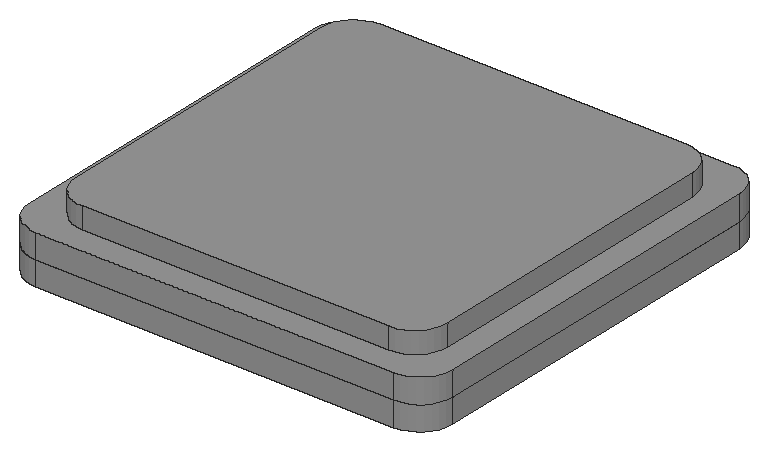
Revit family "FMS2_63_UN_Surface-mounted_ETK", category Lighting Fixtures, Revit 2019 (continued)
Definition of nested family "FMS.2 - Lightsource"
  Types (14, lengths in mm): name | Wattage Comments | Wattage | built-in parameter 1150134 | Photometric Web File | built-in parameter 1150142 | built-in parameter 1150105 | Lumens | built-in parameter 1150107 | built-in parameter 1150106 | Apparent Load
      927.0018\t924.426\t921.564\t918.702\t915.84\r\n912.978\t909.8298\t906.9678\t903.2472\t898.668\t894.375\t889.7958\t885.5028\t881.2098\t876.6306\r\n872.3376\t867.7584\t863.4654\t859.1724\t854.5932\t850.3002\t846.0072\t841.428\t837.135\t832.5558\r\n828.2628\t823.6836\t819.3906\t814.8114\t809.0874\t803.3634\t797.6394\t791.9154\t786.1914\t780.4674\r\n774.4572\t768.7332\t762.723\t756.999\t750.9888\t745.2648\t739.5408\t733.8168\t728.0928\t722.0826\r\n716.3586\t710.9208\t705.1968\t699.1866\t692.8902\t686.0214\t679.1526\t672.2838\t665.415\t658.8324\r\n651.9636\t645.0948\t638.226\t631.3572\t624.4884\t617.6196\t610.7508\t603.882\t597.0132\t590.4306\r\n583.5618\t576.693\t569.8242\t562.9554\t555.5142\t548.073\t540.3456\t532.9044\t525.177\t517.7358\r\n510.0084\t502.281\t494.8398\t487.1124\t479.6712\t471.9438\t464.5026\t456.7752\t449.334\t441.8928\r\n434.1654\t426.7242\t419.283\t411.5556\t403.542\t395.5284\t387.5148\t379.5012\t371.4876\t363.474\r\n355.4604\t347.1606\t339.147\t331.1334\t323.1198\t315.1062\t307.0926\t299.079\t291.0654\t283.0232\r\n275.0382\t267.0246\t259.011\t251.5698\t244.3003\t237.0308\t229.7614\t222.4919\t215.251\t208.0102\r\n200.7407\t193.4998\t186.259\t179.0181\t171.8059\t164.565\t157.3528\t150.1119\t142.8997\t135.6874\r\n128.4752\t121.2343\t109.5287\t96.7928\t84.0569\t71.321\t58.5851\t45.8492\t33.1133\t20.3774\r\n7.6444\t0\t0\t0\t0\t0\t0\t0\t0\t0\r\n0\r\n985.6728\t984.8142\t983.9556\t982.8108\t981.9522\t981.0936\t979.9488\t979.0902\t978.2316\t977.373\r\n976.5144\t975.3696\t974.511\t973.3662\t972.5076\t971.649\t970.5042\t969.6456\t968.787\t967.9284\r\n966.7836\t965.3526\t962.7768\t960.201\t957.339\t954.7632\t951.9012\t949.0392\t946.1772\t943.6014\r\n940.7394\t938.1636\t935.3016\t932.4396\t929.8638\t927.0018\t924.426\t921.564\t918.9882\t916.1262\r\n913.5504\t910.6884\t906.9678\t902.6748\t898.3818\t894.0888\t889.7958\t885.5028\t881.2098\t876.6306\r\n872.3376\t868.0446\t863.4654\t859.1724\t854.8794\t850.5864\t846.0072\t841.7142\t837.4212\t832.842\r\n828.549\t824.256\t819.3906\t813.6666\t807.9426\t802.5048\t796.7808\t791.0568\t785.3328\t779.895\r\n774.171\t768.447\t762.723\t757.2852\t751.5612\t745.8372\t740.1132\t734.3892\t728.6652\t722.9412\r\n717.5034\t711.7794\t706.0554\t699.1866\t692.3178\t685.7352\t678.8664\t671.9976\t665.415\t658.5462\r\n651.6774\t644.8086\t638.226\t631.3572\t624.4884\t617.9058\t611.037\t604.1682\t597.5856\t590.7168\r\n583.848\t577.2654\t570.3966\t562.9554\t555.228\t547.7868\t540.3456\t532.6182\t525.177\t517.4496\r\n510.0084\t502.5672\t494.8398\t487.3986\t479.6712\t472.23\t464.7888\t457.0614\t449.6202\t441.8928\r\n434.4516\t427.0104\t419.283\t411.2694\t403.2558\t395.2422\t387.2286\t379.215\t371.2014\t363.1878\r\n355.1742\t347.1606\t339.147\t331.1334\t323.1198\t315.1062\t307.0926\t299.079\t291.0654\t282.9087\r\n274.8951\t266.8815\t259.4117\t252.1136\t244.8155\t237.4888\t230.1907\t222.9212\t215.6231\t208.325\r\n201.0269\t193.7288\t186.4593\t179.1612\t171.8631\t164.5936\t157.2955\t150.026\t142.7279\t135.4585\r\n128.1604\t119.0878\t106.3233\t93.5874\t80.8229\t68.087\t55.3225\t42.5866\t29.822\t17.0718\r\n4.3245\t0\t0\t0\t0\t0\t0\t0\t0\t0\r\n0\r\n985.6728\t984.8142\t983.9556\t982.8108\t981.9522\t981.0936\t980.235\t979.0902\t978.2316\t977.373\r\n976.5144\t975.6558\t974.7972\t973.6524\t972.7938\t971.9352\t971.0766\t969.9318\t969.0732\t967.9284\r\n967.0698\t965.0664\t962.2044\t959.6286\t957.0528\t954.477\t951.615\t949.0392\t946.4634\t943.8876\r\n941.0256\t938.4498\t935.874\t933.012\t930.4362\t927.5742\t924.9984\t922.1364\t919.2744\t916.6986\r\n913.8366\t910.6884\t906.3954\t902.1024\t897.8094\t893.5164\t889.2234\t884.9304\t880.9236\t876.6306\r\n872.3376\t868.0446\t863.7516\t859.4586\t855.1656\t850.8726\t846.5796\t842.2866\t837.9936\t833.7006\r\n829.4076\t824.8284\t819.1044\t813.3804\t807.9426\t802.2186\t796.4946\t791.0568\t785.3328\t779.6088\r\n774.171\t768.447\t762.723\t757.2852\t751.5612\t745.8372\t740.1132\t734.6754\t728.9514\t723.2274\r\n717.5034\t711.7794\t704.9106\t698.328\t691.7454\t684.8766\t678.294\t671.4252\t664.8426\t658.26\r\n651.3912\t644.8086\t638.226\t631.3572\t624.7746\t617.9058\t611.3232\t604.4544\t597.8718\t591.003\r\n584.4204\t577.5516\t570.1104\t562.383\t554.9418\t547.2144\t539.7732\t532.332\t524.8908\t517.4496\r\n509.7222\t502.281\t494.8398\t487.3986\t479.9574\t472.23\t464.7888\t457.3476\t449.9064\t442.4652\r\n435.024\t427.2966\t419.283\t411.2694\t403.2558\t395.2422\t387.2286\t379.215\t371.2014\t363.1878\r\n355.1742\t347.1606\t339.147\t331.1334\t323.1198\t315.1062\t307.0926\t299.079\t291.0654\t283.1663\r\n275.1527\t267.4539\t260.0986\t252.7718\t245.4451\t238.0898\t230.7631\t223.4363\t216.081\t208.7543\r\n201.4276\t194.1008\t186.7741\t179.4188\t172.0921\t164.7653\t157.4386\t150.1119\t142.7852\t135.4585\r\n128.1317\t116.9986\t104.2054\t91.4123\t78.6478\t65.8546\t53.0615\t40.2683\t27.4981\t14.7164\r\n1.9324\t0\t0\t0\t0\t0\t0\t0\t0\t0\r\n0\r\n985.6728\t984.8142\t983.9556\t982.8108\t981.9522\t981.0936\t980.235\t979.3764\t978.2316\t977.373\r\n976.5144\t975.6558\t974.7972\t973.9386\t972.7938\t971.9352\t971.0766\t970.218\t969.3594\t968.5008\r\n967.6422\t965.0664\t962.4906\t959.9148\t957.0528\t954.477\t951.9012\t949.0392\t946.4634\t943.8876\r\n941.0256\t938.4498\t935.874\t933.2982\t930.4362\t927.8604\t925.2846\t922.7088\t920.133\t917.5572\r\n914.6952\t910.6884\t906.6816\t902.3886\t898.0956\t893.8026\t889.5096\t885.2166\t880.9236\t876.6306\r\n872.3376\t868.0446\t863.7516\t859.4586\t855.4518\t851.1588\t846.8658\t842.5728\t838.2798\t833.9868\r\n829.98\t824.5422\t818.8182\t813.3804\t807.6564\t802.2186\t796.4946\t791.0568\t785.3328\t779.895\r\n774.171\t768.447\t763.0092\t757.2852\t751.8474\t746.1234\t740.3994\t734.9616\t729.2376\t723.7998\r\n718.0758\t711.4932\t704.9106\t698.328\t691.7454\t684.8766\t678.294\t671.7114\t665.1288\t658.26\r\n651.6774\t645.0948\t638.226\t631.6434\t624.7746\t618.192\t611.6094\t604.7406\t598.158\t591.2892\r\n584.7066\t577.2654\t569.8242\t562.383\t554.9418\t547.5006\t540.0594\t532.332\t524.8908\t517.4496\r\n510.0084\t502.5672\t495.126\t487.6848\t480.2436\t472.8024\t465.075\t457.6338\t450.1926\t442.7514\r\n435.3102\t427.2966\t419.283\t411.2694\t403.2558\t395.2422\t387.2286\t379.215\t371.2014\t363.1878\r\n355.1742\t347.1606\t339.147\t331.1334\t323.1198\t315.1062\t307.0926\t299.079\t291.0654\t283.1949\r\n275.1813\t267.7401\t260.3848\t253.058\t245.7027\t238.3474\t230.992\t223.6653\t216.31\t208.9546\r\n201.5993\t194.2726\t186.9172\t179.5619\t172.2065\t164.8798\t157.5245\t150.1691\t142.8138\t135.4871\r\n128.1317\t115.7393\t102.9175\t90.1244\t77.3026\t64.5095\t51.7163\t38.8946\t26.0957\t13.2883\r\n0.4848\t0\t0\t0\t0\t0\t0\t0\t0\t0\r\n0\r\n985.6728\t984.8142\t983.9556\t983.097\t981.9522\t981.0936\t980.235\t979.3764\t978.5178\t977.6592\r\n976.5144\t975.6558\t974.7972\t973.9386\t973.08\t971.9352\t971.0766\t970.218\t969.3594\t968.5008\r\n967.356\t964.7802\t962.2044\t959.6286\t957.0528\t954.477\t951.9012\t949.0392\t946.4634\t943.8876\r\n941.3118\t938.736\t936.1602\t933.2982\t930.7224\t928.1466\t925.5708\t922.995\t920.4192\t917.8434\r\n914.9814\t910.9746\t906.6816\t902.3886\t898.0956\t893.8026\t889.5096\t885.5028\t881.2098\t876.9168\r\n872.6238\t868.3308\t864.0378\t860.031\t855.738\t851.445\t847.152\t842.859\t838.566\t834.5592\r\n830.2662\t824.5422\t819.1044\t813.3804\t807.9426\t802.2186\t796.4946\t791.0568\t785.3328\t779.895\r\n774.171\t768.447\t763.0092\t757.2852\t751.8474\t746.1234\t740.6856\t734.9616\t729.2376\t723.7998\r\n718.0758\t711.4932\t704.9106\t698.328\t691.4592\t684.8766\t678.294\t671.7114\t664.8426\t658.26\r\n651.6774\t645.0948\t638.5122\t631.6434\t625.0608\t618.4782\t611.8956\t605.313\t598.4442\t591.8616\r\n585.279\t577.8378\t570.1104\t562.6692\t555.228\t547.7868\t540.3456\t532.9044\t525.177\t517.7358\r\n510.2946\t502.8534\t495.4122\t487.6848\t480.2436\t472.8024\t465.3612\t457.92\t450.1926\t442.7514\r\n435.3102\t427.2966\t419.283\t411.2694\t403.2558\t395.2422\t387.2286\t379.215\t371.4876\t363.474\r\n355.4604\t347.4468\t339.4332\t331.4196\t323.406\t315.3924\t307.3788\t299.3652\t291.3516\t283.4239\r\n275.4103\t268.0549\t260.6996\t253.3442\t246.0175\t238.6622\t231.3068\t223.9515\t216.5962\t209.2408\r\n201.8855\t194.5301\t187.2034\t179.8481\t172.4927\t165.1374\t157.7821\t150.4267\t143.0714\t135.716\r\n128.3607\t115.5389\t102.6886\t89.8668\t77.0164\t64.1947\t51.3443\t38.5225\t25.675\t12.8361\r\n0\t0\t0\t0\t0\t0\t0\t0\t0\t0\r\n0\r\n985.6728\t984.8142\t983.9556\t983.097\t981.9522\t981.0936\t980.235\t979.3764\t978.5178\t977.373\r\n976.5144\t975.6558\t974.7972\t973.9386\t973.08\t972.2214\t971.0766\t970.218\t969.3594\t968.5008\r\n967.6422\t965.0664\t962.4906\t959.9148\t957.339\t954.477\t951.9012\t949.3254\t946.7496\t943.8876\r\n941.3118\t938.736\t936.1602\t933.2982\t930.7224\t928.1466\t925.5708\t922.995\t920.133\t917.5572\r\n914.9814\t910.9746\t906.6816\t902.3886\t898.0956\t893.8026\t889.5096\t885.2166\t880.9236\t876.6306\r\n872.3376\t868.0446\t863.7516\t859.4586\t855.1656\t850.8726\t846.5796\t842.5728\t838.2798\t833.9868\r\n829.6938\t824.256\t818.8182\t813.0942\t807.6564\t801.9324\t796.4946\t790.7706\t785.3328\t779.895\r\n774.171\t768.7332\t763.0092\t757.5714\t751.8474\t746.4096\t740.6856\t734.9616\t729.5238\t723.7998\r\n718.362\t711.7794\t705.1968\t698.6142\t691.7454\t685.1628\t678.5802\t671.9976\t665.1288\t658.5462\r\n651.9636\t645.381\t638.5122\t631.9296\t625.347\t618.7644\t612.1818\t605.313\t598.7304\t592.1478\r\n585.5652\t578.124\t570.6828\t563.2416\t555.8004\t548.073\t540.6318\t533.1906\t525.4632\t518.022\r\n510.5808\t503.1396\t495.4122\t487.971\t480.5298\t473.0886\t465.3612\t457.92\t450.4788\t443.0376\r\n435.3102\t427.5828\t419.5692\t411.5556\t403.542\t395.5284\t387.5148\t379.5012\t371.7738\t363.7602\r\n355.7466\t347.733\t339.7194\t331.7058\t323.6922\t315.6786\t307.665\t299.9376\t291.924\t283.8532\r\n275.8968\t268.427\t261.0716\t253.7163\t246.361\t239.0056\t231.6503\t224.2949\t216.9396\t209.5843\r\n202.2003\t194.845\t187.4896\t180.1343\t172.7789\t165.4236\t158.0683\t150.7129\t143.3576\t136.0022\r\n128.6469\t116.1972\t103.3468\t90.4678\t77.6174\t64.7671\t51.9167\t39.0663\t26.1987\t13.3426\r\n0.4868\t0\t0\t0\t0\t0\t0\t0\t0\t0\r\n0\r\n985.6728\t984.8142\t983.9556\t983.097\t981.9522\t981.0936\t980.235\t979.3764\t978.5178\t977.6592\r\n976.5144\t975.6558\t974.7972\t973.9386\t973.08\t971.9352\t971.0766\t970.218\t969.3594\t968.2146\r\n967.356\t965.3526\t962.4906\t959.9148\t957.339\t954.7632\t951.9012\t949.3254\t946.7496\t943.8876\r\n941.3118\t938.736\t935.874\t933.2982\t930.4362\t927.8604\t924.9984\t922.4226\t919.8468\t916.9848\r\n914.409\t910.9746\t906.9678\t902.6748\t898.3818\t894.0888\t889.7958\t885.5028\t881.496\t877.203\r\n872.91\t868.617\t864.324\t860.031\t855.738\t851.445\t847.4382\t843.1452\t838.8522\t834.5592\r\n830.5524\t825.9732\t820.2492\t814.5252\t808.8012\t803.0772\t797.3532\t791.6292\t785.9052\t780.4674\r\n774.7434\t769.0194\t763.2954\t757.8576\t752.1336\t746.4096\t740.9718\t735.2478\t729.5238\t724.086\r\n718.362\t712.638\t706.0554\t699.1866\t692.604\t686.0214\t679.1526\t672.57\t665.9874\t659.1186\r\n652.536\t645.6672\t639.0846\t632.502\t625.6332\t619.0506\t612.1818\t605.5992\t598.7304\t592.1478\r\n585.5652\t578.6964\t571.2552\t563.5278\t556.0866\t548.6454\t540.918\t533.4768\t526.0356\t518.3082\r\n510.867\t503.4258\t495.9846\t488.2572\t480.816\t473.3748\t465.6474\t458.2062\t450.765\t443.3238\r\n435.5964\t428.1552\t420.1416\t412.128\t404.1144\t396.1008\t388.0872\t380.0736\t372.06\t364.0464\r\n356.0328\t348.0192\t340.0056\t331.992\t323.9784\t315.9648\t307.9512\t300.2238\t292.2102\t284.1107\r\n276.0971\t268.3984\t261.0716\t253.7163\t246.3896\t239.0629\t231.7075\t224.3808\t217.0541\t209.7274\r\n202.4006\t195.0739\t187.7472\t180.4205\t173.0938\t165.7957\t158.4689\t151.1422\t143.8155\t136.5174\r\n129.1907\t117.9716\t105.064\t92.185\t79.306\t66.3984\t53.5194\t40.6118\t27.7328\t14.8395\r\n1.9487\t0\t0\t0\t0\t0\t0\t0\t0\t0\r\n0\r\n985.6728\t984.8142\t983.9556\t983.097\t981.9522\t981.0936\t980.235\t979.3764\t978.5178\t977.6592\r\n976.5144\t975.6558\t974.7972\t973.6524\t972.7938\t971.9352\t970.7904\t969.9318\t969.0732\t967.9284\r\n967.0698\t965.6388\t963.063\t960.4872\t957.6252\t955.0494\t952.1874\t949.6116\t946.7496\t944.1738\r\n941.598\t938.736\t936.1602\t933.2982\t930.7224\t927.8604\t925.2846\t922.4226\t919.5606\t916.9848\r\n914.1228\t911.2608\t907.5402\t903.2472\t898.9542\t894.6612\t890.3682\t886.0752\t881.496\t877.203\r\n872.91\t868.617\t864.324\t860.031\t855.738\t851.445\t847.152\t842.5728\t838.2798\t833.9868\r\n829.6938\t825.4008\t820.8216\t815.0976\t809.3736\t803.6496\t797.9256\t792.2016\t786.4776\t780.7536\r\n775.0296\t769.3056\t763.5816\t757.8576\t752.1336\t746.4096\t740.6856\t734.9616\t729.2376\t723.5136\r\n717.7896\t712.0656\t706.3416\t699.4728\t692.8902\t686.0214\t679.4388\t672.57\t665.9874\t659.1186\r\n652.536\t645.9534\t639.0846\t632.502\t625.6332\t619.0506\t612.1818\t605.5992\t598.7304\t592.1478\r\n585.279\t578.6964\t571.8276\t564.1002\t556.659\t549.2178\t541.4904\t534.0492\t526.3218\t518.8806\r\n511.1532\t503.712\t495.9846\t488.5434\t481.1022\t473.3748\t465.9336\t458.4924\t450.765\t443.3238\r\n435.8826\t428.1552\t420.4278\t412.4142\t404.4006\t396.387\t388.3734\t380.3598\t372.3462\t364.3326\r\n356.319\t348.3054\t340.578\t332.5644\t324.5508\t316.5372\t308.5236\t300.51\t292.4964\t284.5687\r\n276.6123\t268.6559\t261.1575\t253.8594\t246.5327\t239.2346\t231.9365\t224.6384\t217.3403\t210.0422\r\n202.7441\t195.446\t188.1479\t180.8498\t173.5803\t166.2822\t159.0127\t151.7146\t144.4451\t137.147\r\n129.8776\t120.7192\t107.8115\t94.8753\t81.9391\t69.0314\t56.0952\t43.159\t30.2513\t17.3122\r\n4.3846\t0\t0\t0\t0\t0\t0\t0\t0\t0\r\n0\r\n985.6728\t984.8142\t983.9556\t983.097\t982.2384\t981.3798\t980.235\t979.3764\t978.5178\t977.373\r\n976.5144\t975.6558\t974.511\t973.6524\t972.7938\t971.9352\t970.7904\t969.9318\t969.0732\t967.9284\r\n966.7836\t965.925\t963.6354\t960.7734\t958.1976\t955.3356\t952.7598\t949.8978\t947.0358\t944.46\r\n941.598\t939.0222\t936.1602\t933.2982\t930.7224\t927.8604\t924.9984\t922.1364\t919.2744\t916.4124\r\n913.2642\t910.4022\t907.5402\t903.8196\t899.5266\t895.2336\t890.9406\t886.6476\t882.3546\t877.7754\r\n873.4824\t869.1894\t864.6102\t860.3172\t855.738\t851.445\t846.8658\t842.5728\t838.2798\t833.7006\r\n829.4076\t825.1146\t820.8216\t816.2424\t810.8046\t805.0806\t799.3566\t793.6326\t787.6224\t781.8984\r\n775.8882\t770.1642\t764.154\t758.43\t752.706\t746.6958\t740.9718\t734.9616\t729.2376\t723.2274\r\n717.5034\t711.4932\t705.7692\t700.0452\t693.7488\t686.88\t680.0112\t673.4286\t666.5598\t659.691\r\n652.8222\t645.9534\t639.0846\t632.502\t625.6332\t618.7644\t611.8956\t605.313\t598.4442\t591.5754\r\n584.9928\t578.124\t571.2552\t564.6726\t557.2314\t549.7902\t542.0628\t534.6216\t526.8942\t519.1668\r\n511.7256\t503.9982\t496.2708\t488.8296\t481.1022\t473.661\t465.9336\t458.4924\t450.765\t443.0376\r\n435.5964\t427.869\t420.4278\t412.7004\t404.6868\t396.6732\t388.6596\t380.646\t372.6324\t364.6188\r\n356.6052\t348.5916\t340.8642\t332.8506\t324.837\t316.8234\t308.8098\t301.0824\t293.0688\t285.0838\r\n277.1561\t269.2283\t261.3006\t253.888\t246.6185\t239.3204\t232.0223\t224.7529\t217.4548\t210.1853\r\n202.9158\t195.6749\t188.4055\t181.136\t173.8951\t166.6543\t159.4134\t152.1725\t144.9317\t137.6908\r\n130.4786\t123.2377\t111.3604\t98.3956\t85.4593\t72.5231\t59.5582\t46.622\t33.6571\t20.7209\r\n7.7732\t0\t0\t0\t0\t0\t0\t0\t0\t0\r\n0\r\n985.6728\t984.8142\t983.9556\t983.097\t982.2384\t981.3798\t980.235\t979.3764\t978.5178\t977.373\r\n976.5144\t975.6558\t974.7972\t973.6524\t972.7938\t971.9352\t970.7904\t969.6456\t968.787\t967.6422\r\n966.4974\t965.3526\t964.2078\t961.3458\t958.77\t955.908\t953.3322\t950.4702\t947.8944\t945.0324\r\n942.1704\t939.3084\t936.1602\t933.2982\t930.4362\t927.5742\t924.7122\t921.8502\t918.9882\t916.1262\r\n912.978\t910.116\t907.254\t904.1058\t900.9576\t896.3784\t891.7992\t887.22\t882.927\t878.3478\r\n874.0548\t869.4756\t865.1826\t860.8896\t856.3104\t851.7312\t847.152\t842.5728\t837.9936\t833.4144\r\n828.8352\t823.9698\t819.3906\t814.8114\t810.2322\t805.3668\t799.6428\t793.6326\t787.9086\t781.8984\r\n776.1744\t770.4504\t764.4402\t758.7162\t752.9922\t746.982\t741.258\t735.2478\t729.2376\t723.2274\r\n717.2172\t711.4932\t705.483\t699.4728\t693.4626\t687.4524\t681.156\t674.2872\t667.4184\t660.5496\r\n653.6808\t646.812\t639.9432\t632.7882\t625.9194\t619.0506\t612.1818\t605.313\t598.4442\t591.5754\r\n584.9928\t578.124\t571.2552\t564.3864\t557.5176\t550.6488\t543.2076\t535.4802\t527.7528\t520.0254\r\n512.5842\t504.8568\t497.1294\t489.402\t481.6746\t473.9472\t466.2198\t458.4924\t451.0512\t443.3238\r\n435.5964\t427.869\t420.4278\t412.7004\t405.2592\t397.5318\t389.5182\t381.5046\t373.491\t365.4774\r\n357.4638\t349.4502\t341.4366\t333.423\t325.4094\t317.3958\t309.3822\t301.6548\t293.6412\t285.6276\r\n277.6712\t269.7435\t261.8158\t253.9166\t246.3323\t239.0915\t231.8506\t224.6384\t217.4261\t210.2139\r\n203.0303\t195.818\t188.6344\t181.4508\t174.2672\t167.1122\t159.9286\t152.7736\t145.5899\t138.4349\r\n131.2799\t124.1249\t116.0255\t103.032\t90.0385\t77.045\t64.0802\t51.0867\t38.0932\t25.1026\r\n12.1148\t0\t0\t0\t0\t0\t0\t0\t0\t0\r\n0\r\n985.6728\t984.8142\t983.9556\t983.097\t982.2384\t981.3798\t980.5212\t979.3764\t978.5178\t977.6592\r\n976.8006\t975.6558\t974.7972\t973.9386\t972.7938\t971.9352\t970.7904\t969.6456\t968.2146\t967.0698\r\n965.925\t964.7802\t963.6354\t962.4906\t959.9148\t957.0528\t954.1908\t951.0426\t948.1806\t945.3186\r\n942.4566\t939.5946\t936.7326\t933.8706\t931.0086\t927.8604\t924.9984\t921.8502\t918.702\t915.5538\r\n912.4056\t909.2574\t906.1092\t903.2472\t900.099\t896.9508\t893.2302\t888.651\t884.0718\t879.4926\r\n874.6272\t870.048\t865.4688\t860.8896\t856.0242\t851.445\t846.8658\t842.2866\t837.4212\t832.842\r\n828.549\t823.9698\t819.3906\t814.5252\t809.6598\t805.0806\t800.2152\t795.3498\t789.6258\t783.3294\r\n777.3192\t771.0228\t765.0126\t759.2886\t753.2784\t747.2682\t741.258\t735.2478\t729.2376\t722.9412\r\n716.931\t710.6346\t704.6244\t698.6142\t692.3178\t686.3076\t680.2974\t674.2872\t668.277\t661.4082\r\n654.5394\t647.6706\t640.8018\t633.6468\t626.4918\t619.3368\t612.468\t605.313\t598.4442\t591.2892\r\n584.4204\t577.5516\t570.6828\t563.814\t556.659
